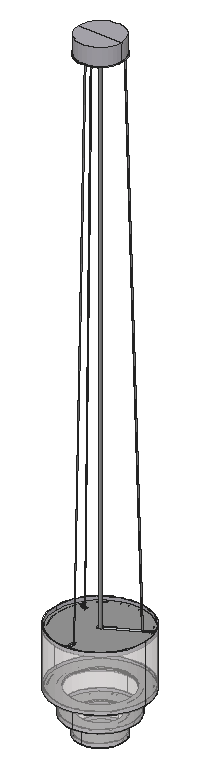
Revit family "Lighting - Lumetta - Pendant - P53T1213-Full", category Lighting Fixtures, host Ceiling, Revit 2015
Parameters
  Wattage = 11.7117 W
  built-in parameter 1150110 = 1 (stored number, unit not read)
  URL = "https://lumetta.com/luminaires/drum-3tier-12-pendant/"
  Type Comments = "Drum 3 Tier 12'' Pendant"  # constant formula
  built-in parameter 1114217 = 1 (stored number, unit not read)
  Top Lens-Material [instance] = Acrylic - 2447 - White
  Top Lens [instance] = yes
  built-in parameter 1150109 = 1 (stored number, unit not read)
  built-in parameter 1150134 = (empty or 0)
  Suspension [instance] = 2
  built-in parameter 1150113 = 1 (stored number, unit not read)
  Stem Hung-ALL Lamping [instance] = Suspension = 3  # no
  P53T1213 URL [instance] = "https://lumetta.com/luminaires/drum-3tier-12-pendant/"
  Middle  Diffuser Material [instance] = Shade - Lumetta - D61 - MT_White
  Light Source Symbol Size = 0' - 1"
  Bottom  Diffuser Material [instance] = Shade - Lumetta - D61 - MT_White
  1CRD-3CBL- LED-4 Wire [instance] = Suspension = 2  # yes
  Coupling-Stems Over 60 inches [instance] = and([Stem Hung-ALL Lamping], Fixture Drop > 5' 0")  # no
  Model = "P53T1213"  # constant formula
  Manufacturer = "Lumetta, Inc."  # constant formula
  Lumens = 1300 lm
  built-in parameter 1150115 = 1 (stored number, unit not read)
  built-in parameter 1150105 = 103.45 (stored number, unit not read)
  built-in parameter 1150137 = (empty or 0)
  built-in parameter 1150139 = (empty or 0)
  built-in parameter 1150112 = 1 (stored number, unit not read)
  built-in parameter 1150114 = 1 (stored number, unit not read)
  built-in parameter 1150132 = 1
  built-in parameter 1150102 = (empty or 0)
  built-in parameter 1150138 = (empty or 0)
  built-in parameter 1150107 = 3000 (stored number, unit not read)
  built-in parameter 1150106 = 1.0345 (stored number, unit not read)
  Frame Finish [instance] = Paint - Lumetta - F02 - PC_Chrome
  Fixture Height [instance] = 1' - 1"
  Fixture Drop [instance] = 5' - 10"
  built-in parameter 1150104 = 10.312 (stored number, unit not read)
  Dimming Lamp Color Temperature Shift = (empty or 0)
  Upper Diffuser Material [instance] = Shade - Lumetta - D61 - MT_White
  Description = ""
  Cord [instance] = or(Suspension = 1, Suspension = 2)  # yes
  Bottom Lens-Material [instance] = Acrylic - P95 - Etched White
  Bottom Lens [instance] = yes
  3 Cables [instance] = or(Suspension = 1, Suspension = 2)  # yes
  1CRD-3CBL-STD and 2 or 3 Wire [instance] = Suspension = 1  # no
  Cord Color [instance] = Cord, Black
  Color Filter = 16777215
  built-in parameter 1114218 = 1 (stored number, unit not read)
  built-in parameter 1150133 = 10 (stored number, unit not read)
Reference planes (in)
  plane 1 "Light Source Axis (F/B)": y = 0
  plane 2 "Ceiling": z = 96
  plane 3 "Light Source Axis (L/R)": x = 0
  plane 4 "Light Source Elevation": z = 23.5
  plane 5 "Fixture-Top": z = 26
  plane 6 "Fixture-Radius": x = 6
  plane 7 "Fixture-Height": z = 13
Forms (in)
  Revolve 1, solid, material "Paint - Lumetta - F02 - PC_Chrome" <- "Frame Finish", visible <- "1CRD-3CBL-STD and 2 or 3 Wire"
    sketch origin (0, 0, 0) x (1, 0, 0) y (0, 0, 1)
      loop
        line (0, 96) -> (0, 94.9375) -> (0.2793, 94.9375) -> (0.375, 95.4375) -> (3, 95.4375) -> (3, 95.5) -> (2.87509, 95.5) -> (2.87509, 96) -> (0, 96)
      axis (0, 96) -> (0, 94.9375)
    angle from 0 to 360
  Extrusion 2, void
    sketch origin (0, 0, 95.4375) x (0, -1, 0) y (1, 0, 0)
      loop
        circle (0, 0) r 0.25
      loop
        circle (2.5, 0) r 0.06274
      loop
        circle (-1.25012, 2.16499) r 0.06231
      loop
        circle (-1.20848, -2.18851) r 0.06217
    from 0 to 0.06358
  Revolve 3, solid, material "Paint - Lumetta - F02 - PC_Chrome" <- "Frame Finish", visible <- "1CRD-3CBL- LED-4 Wire"
    sketch origin (0, 0, 0) x (1, 0, 0) y (0, 0, 1)
      loop
        arc (1.9375, 93.36401) -> (2.12349, 93.55) -> (1.9375, 93.73599) r 0.18599
        line (1.9375, 93.73599) -> (1.9375, 93.36401)
      axis (1.9375, 93.73599) -> (1.9375, 93.36401)
    angle from 0 to 360
  Revolve 4, solid, material "Paint - Lumetta - F02 - PC_Chrome" <- "Frame Finish", visible <- "Stem Hung-ALL Lamping"
    sketch origin (0, 0, 0) x (-1, 0, 0) y (0, 0, 1)
      loop
        arc (1.9375, 93.37651) -> (2.12349, 93.5625) -> (1.9375, 93.74849) r 0.18599
        line (1.9375, 93.74849) -> (1.9375, 93.37651)
      axis (1.9375, 93.74849) -> (1.9375, 93.37651)
    angle from 0 to 360
  Revolve 5, solid, material "Paint - Lumetta - F02 - PC_Chrome" <- "Frame Finish"
    sketch origin (0, 0, 0) x (1, 0, 0) y (0, 0, 1)
      loop
        line (6, 26) -> (5.93781, 26) -> (5.93781, 25.56373) -> (5.50031, 25.56373) -> (5.50031, 25.50123) -> (6, 25.50123) -> (6, 26)
      loop
        line (6, 19.00004) -> (5.93781, 19.00004) -> (5.93781, 18.56378) -> (5.50031, 18.56378) -> (5.50031, 18.5) -> (6, 18.5) -> (6, 19.00004)
      loop
        line (4.4582, 16.00004) -> (4.396, 16.00004) -> (4.396, 15.56378) -> (3.9585, 15.56378) -> (3.9585, 15.5) -> (4.4582, 15.5) -> (4.4582, 16.00004)
      loop
        line (4.4582, 18.06373) -> (4.4582, 18.56378) -> (3.9585, 18.56378) -> (3.9585, 18.5) -> (4.396, 18.5) -> (4.396, 18.06373) -> (4.4582, 18.06373)
      loop
        line (3, 13.50004) -> (2.93781, 13.50004) -> (2.93781, 13.06378) -> (2.5, 13.06378) -> (2.5, 13) -> (3, 13) -> (3, 13.50004)
      loop
        line (3, 15.06246) -> (3, 15.5625) -> (2.5, 15.5625) -> (2.5, 15.49872) -> (2.93781, 15.49872) -> (2.93781, 15.06246) -> (3, 15.06246)
      axis (0, 26) -> (0, 13)
    angle from 0 to 360
  Revolve 6, solid, material "Shade - Lumetta - D61 - MT_White" <- "Upper Diffuser Material"
    sketch origin (0, 0, 0) x (1, 0, 0) y (0, 0, 1)
      loop
        line (6, 26) -> (6, 18.5) -> (6.06242, 18.5) -> (6.06242, 26) -> (6, 26)
      axis (0, 26) -> (0, 18.5)
    angle from 0 to 360
  Extrusion 7, solid, material "Paint - Lumetta - F02 - PC_Chrome" <- "Frame Finish"
    sketch origin (0, 0, 26) x (0, -1, 0) y (-1, 0, 0)
      loop
        line (-3.17178, 4.49368) -> (-2.80801, 3.86362) -> (-1.94199, 4.36362) -> (-2.30575, 4.99368)
        arc (-2.30575, 4.99368) -> (-2.75015, 4.7634) -> (-3.17178, 4.49368) r 5.50031
      loop
        circle (-2.5, 4.33013) r 0.11126
      loop
        line (-2.30575, -4.99368) -> (-1.94199, -4.36362) -> (-2.80801, -3.86362) -> (-3.17178, -4.49368)
        arc (-3.17178, -4.49368) -> (-2.75015, -4.7634) -> (-2.30575, -4.99368) r 5.50031
      loop
        circle (-2.5, -4.33013) r 0.11126
      loop
        line (5.47753, 0.5) -> (4.75, 0.5) -> (4.75, -0.5) -> (5.47753, -0.5)
        arc (5.47753, -0.5) -> (5.50031, 0) -> (5.47753, 0.5) r 5.50031
      loop
        circle (5, 0) r 0.11126
    from 0.56254 to 0.49877
  Extrusion 8, solid
    sketch origin (0, 0, 26) x (0, -1, 0) y (1, 0, 0)
      loop
        circle (0, 0) r 0.25
      loop
        circle (4.375, 0) r 0.125
      loop
        line (-2.2, 4.73427) -> (-3, 4.27239) -> (-3, -4.27239) -> (-2.2, -4.73427) -> (5.2, -0.46188) -> (5.2, 0.46188) -> (-2.2, 4.73427)
      loop
        circle (-2.1875, 3.78886) r 0.125
      loop
        circle (-2.1875, -3.78886) r 0.125
    from -0.56254 to -0.625
  Sweep 9, solid, material "Steel, Galvanized", visible <- "3 Cables"
    path origin (0, 0, 0) x (0, 1, 0) y (0, 0, 1)
      loop
        line (-2.5, 95.43701) -> (-4.375, 25.4375)
    profile origin (0, -3.4375, 60.43725) x (0, 0.999641, -0.026776) y (1, 0, 0)
      loop
        circle (0, 0) r 0.03125
  Sweep 10, solid, material "Steel, Galvanized", visible <- "3 Cables"
    path origin (0, 0, 0) x (0.866025, -0.5, 0) y (0, 0, 1)
      loop
        line (-2.5, 95.43701) -> (-4.375, 25.4375)
    profile origin (-2.97696, 1.71875, 60.43725) x (0.865715, -0.499821, -0.026776) y (-0.5, -0.866025, 0)
      loop
        circle (0, 0) r 0.03125
  Sweep 11, solid, material "Steel, Galvanized", visible <- "3 Cables"
    path origin (0, 0, 0) x (-0.866025, -0.5, 0) y (0, 0, 1)
      loop
        line (-2.5, 95.43701) -> (-4.375, 25.4375)
    profile origin (2.97696, 1.71875, 60.43725) x (-0.865715, -0.499821, -0.026776) y (-0.5, 0.866025, 0)
      loop
        circle (0, 0) r 0.03125
  Revolve 12, solid, material "Paint - Lumetta - F02 - PC_Chrome" <- "Frame Finish", visible <- "1CRD-3CBL- LED-4 Wire"
    sketch origin (0, 0, 0) x (1, 0, 0) y (0, 0, 1)
      loop
        line (0, 96) -> (0, 93.22) -> (0.26563, 93.22) -> (0.36282, 93.72) -> (3, 93.72) -> (3, 93.78) -> (2.875, 93.78) -> (2.875, 96) -> (0, 96)
      axis (0, 96) -> (0, 93.22)
    angle from 0 to 360
  Revolve 13, solid, material "Paint - Lumetta - F02 - PC_Chrome" <- "Frame Finish", visible <- "Stem Hung-ALL Lamping"
    sketch origin (0, 0, -1.37386) x (1, 0, 0) y (0, 0, 1)
      loop
        arc (1.9375, 94.75037) -> (2.12349, 94.93636) -> (1.9375, 95.12236) r 0.18599
        line (1.9375, 95.12236) -> (1.9375, 94.75037)
      axis (1.9375, 95.12236) -> (1.9375, 94.75037)
    angle from 0 to 360
  Revolve 14, solid, material "Paint - Lumetta - F02 - PC_Chrome" <- "Frame Finish", visible <- "1CRD-3CBL- LED-4 Wire"
    sketch origin (0, 0, -1.37386) x (-1, 0, 0) y (0, 0, 1)
      loop
        arc (1.9375, 94.75037) -> (2.12349, 94.93636) -> (1.9375, 95.12236) r 0.18599
        line (1.9375, 95.12236) -> (1.9375, 94.75037)
      axis (1.9375, 95.12236) -> (1.9375, 94.75037)
    angle from 0 to 360
  Extrusion 15, solid, material "Paint - Lumetta - F02 - PC_Chrome" <- "Frame Finish", visible <- "Stem Hung-ALL Lamping"
    sketch origin (0, 0, 26) x (0, -1, 0) y (-1, 0, 0)
      loop
        circle (0, 0) r 0.25
    from 0.56254 to -70
  Revolve 16, solid, material "Paint - Lumetta - F02 - PC_Chrome" <- "Frame Finish", visible <- "Coupling-Stems Over 60 inches"
    sketch origin (0, 0, 0) x (1, 0, 0) y (0, 0, 1)
      loop
        line (0, 86.53023) -> (0, 86) -> (0.26233, 86)
        arc (0.26233, 86) -> (0.31307, 86.05074) -> (0.26233, 86.10149) r 0.05074
        arc (0.26233, 86.10149) -> (0.29304, 86.26499) -> (0.26243, 86.42851) r 0.45126
        arc (0.26243, 86.42851) -> (0.31329, 86.47937) -> (0.26243, 86.53023) r 0.05086
        line (0.26243, 86.53023) -> (0, 86.53023)
      axis (0, 86.53023) -> (0, 86)
    angle from 0 to 360
  Revolve 17, solid, material "Paint - Lumetta - F02 - PC_Chrome" <- "Frame Finish", visible <- "Stem Hung-ALL Lamping"
    sketch origin (0, 0, 0) x (1, 0, 0) y (0, 0, 1)
      loop
        line (0, 96) -> (0, 93.40625) -> (0.34988, 93.40625)
        arc (0.34988, 93.40625) -> (0.49124, 93.54417) -> (0.58115, 93.72) r 0.61026
        line (0.58115, 93.72) -> (3, 93.72) -> (3, 93.78) -> (2.875, 93.78) -> (2.875, 96) -> (0, 96)
      axis (0, 96) -> (0, 93.40625)
    angle from 0 to 360
  Extrusion 18, solid, material "Cord, Black" <- "Cord Color", visible <- "Cord"
    sketch origin (0, 0, 26) x (0, -1, 0) y (1, 0, 0)
      loop
        circle (0, 0) r 0.15674
    from -0.56254 to 69.5
  Extrusion 19, solid, material "Acrylic - 2447 - White" <- "Top Lens-Material", visible <- "Top Lens"
    sketch origin (0, 0, 26) x (0, -1, 0) y (1, 0, 0)
      loop
        arc (0.08236, 0.41549) -> (0.10859, 0.38367) -> (0.14375, 0.36211) r 0.125
        arc (0.14375, 0.36211) -> (0.17448, -0.34973) -> (-0.38276, 0.09427) r 0.39147
        arc (-0.38276, 0.09427) -> (-0.38023, 0.14197) -> (-0.39577, 0.18713) r 0.125
        line (-0.39577, 0.18713) -> (-3.06954, 4.81825)
        arc (-3.06954, 4.81825) -> (-3.14938, 4.87748) -> (-3.24719, 4.85972) r 0.125
        arc (-3.24719, 4.85972) -> (-5.84674, 0.01759) -> (-3.27773, -4.84081) r 5.84375
        arc (-3.27773, -4.84081) -> (-3.17965, -4.8591) -> (-3.09943, -4.79978) r 0.125
        line (-3.09943, -4.79978) -> (-2.43479, -3.64859)
        arc (-2.43479, -3.64859) -> (-2.07399, -3.55192) -> (-1.97731, -3.91272) r 0.26412
        line (-1.97731, -3.91272) -> (-2.64318, -5.06603)
        arc (-2.64318, -5.06603) -> (-2.65455, -5.16479) -> (-2.59027, -5.24061) r 0.125
        arc (-2.59027, -5.24061) -> (2.90291, -5.07082) -> (5.82591, -0.41679) r 5.84375
        arc (5.82591, -0.41679) -> (5.79271, -0.32271) -> (5.70123, -0.28289) r 0.125
        line (5.70123, -0.28289) -> (4.37195, -0.28289)
        arc (4.37195, -0.28289) -> (4.10782, -0.01877) -> (4.37195, 0.24536) r 0.26412
        line (4.37195, 0.24536) -> (5.70368, 0.24536)
        arc (5.70368, 0.24536) -> (5.79489, 0.28488) -> (5.82841, 0.37847) r 0.125
        arc (5.82841, 0.37847) -> (2.93478, 5.05081) -> (-2.55723, 5.25518) r 5.84375
        arc (-2.55723, 5.25518) -> (-2.6221, 5.17939) -> (-2.61084, 5.08025) r 0.125
        line (-2.61084, 5.08025) -> (0.08236, 0.41549)
    from -0.4375 to -0.375
  Extrusion 20, solid, material "Acrylic - P95 - Etched White" <- "Bottom Lens-Material", visible <- "Bottom Lens"
    sketch origin (0.06736, 0, 13) x (0, -1, 0) y (1, 0, 0)
      loop
        circle (0, -0.06736) r 2.875
    from 0.06378 to 0.18636
  Extrusion 21, solid, material "Acrylic - P95 - Etched White" <- "Bottom Lens-Material"
    sketch origin (-0.07923, 0, 18.5) x (0, -1, 0) y (1, 0, 0)
      loop
        circle (0, 0.07923) r 5.84514
      loop
        circle (0, 0.07923) r 4
    from 0.06378 to 0.18636
  Extrusion 22, solid, material "Acrylic - P95 - Etched White" <- "Bottom Lens-Material"
    sketch origin (0.06736, 0, 15.5) x (0, -1, 0) y (1, 0, 0)
      loop
        circle (0, -0.06736) r 4.375
      loop
        circle (0, -0.06736) r 2.5
    from 0.06378 to 0.18636
  Extrusion 23, solid, material "Shade - Lumetta - D61 - MT_White" <- "Bottom  Diffuser Material"
    sketch origin (0, 0, 13) x (0, -1, 0) y (1, 0, 0)
      loop
        circle (0, 0) r 3
      loop
        circle (0, 0) r 3.03125
    from 0 to 2.56378
  Extrusion 24, solid, material "Shade - Lumetta - D61 - MT_White" <- "Middle  Diffuser Material"
    sketch origin (0, 0, 13) x (0, -1, 0) y (1, 0, 0)
      loop
        circle (0, 0) r 4.5
      loop
        circle (0, 0) r 4.53125
    from 2.5 to 5.56378
Cuts and joins
  joined: Revolve 5, Extrusion 7
Dimensions and locks (in)
  equal spacing: host sketch curve, plane 3 "Light Source Axis (L/R)", host sketch curve
  equal spacing: host sketch curve, plane 1 "Light Source Axis (F/B)", host sketch curve
  host sketch curve to host sketch curve = 10' - 0"  (x2)
  "Fixture Drop": plane 2 "Ceiling" to plane 5 "Fixture-Top"
  locked: plane 5 "Fixture-Top" to plane 4 "Light Source Elevation" at 2.5
  locked: plane 6 "Fixture-Radius" to plane 3 "Light Source Axis (L/R)" at 6
  "Fixture Height": plane 5 "Fixture-Top" to plane 7 "Fixture-Height"
  locked: Revolve 1 sketch curve to plane 3 "Light Source Axis (L/R)" at 2.87509
  locked: Revolve 1 sketch curve to plane 3 "Light Source Axis (L/R)" at 3
  locked: Extrusion 2 sketch curve to Extrusion 2 sketch curve at 2.5  (x3)
  locked: plane 1 "Light Source Axis (F/B)" to Extrusion 2 sketch curve at 1.20848
  locked: plane 1 "Light Source Axis (F/B)" to Extrusion 2 sketch curve at 1.25012
  locked: Revolve 3 sketch curve to plane 3 "Light Source Axis (L/R)" at 1.9375
  locked: plane 6 "Fixture-Radius" to Revolve 5 sketch curve at 0.06219
  locked: Revolve 6 sketch curve to plane 6 "Fixture-Radius" at 0.06242
  locked: Extrusion 7 sketch curve to imposter light at 4.33013
  locked: imposter light to Extrusion 7 sketch curve at 4.33013
  locked: Extrusion 7 sketch curve to imposter light at 0
  locked: Extrusion 7 sketch curve to plane 1 "Light Source Axis (F/B)" at 5
  locked: plane 1 "Light Source Axis (F/B)" to Extrusion 7 sketch curve at 2.5  (x2)
  locked: Extrusion 7 sketch curve to plane 3 "Light Source Axis (L/R)" at 4.75  (x2)
  locked: Extrusion 7 sketch curve to plane 1 "Light Source Axis (F/B)" at 4.75
  Extrusion 7 sketch curve to Extrusion 7 sketch curve = 0' - 0 1/4"
  locked: Extrusion 7 sketch curve to Extrusion 7 sketch curve at 1  (x3)
  Extrusion 7 sketch curve to Extrusion 7 sketch curve = 0' - 0 1/2"
  locked: Extrusion 7 sketch curve to Extrusion 7 sketch curve at 0.5
  Revolve 5 to Extrusion 7 sketch curve = 0' - 0.75031"
  equal spacing: Extrusion 7 sketch curve, Extrusion 7 sketch curve, plane 3 "Light Source Axis (L/R)"
  locked: Extrusion 8 sketch curve to Extrusion 8 sketch curve at 4.375
  Extrusion 8 sketch curve to Extrusion 8 sketch curve = 0' - 8.2"
  host ceiling to Revolve 3 sketch curve = 0' - 2.45"
  host ceiling to Revolve 4 sketch curve = 0' - 2 7/16"
  locked: host ceiling to Revolve 13 sketch curve at 2.4375
  locked: host ceiling to Revolve 14 sketch curve at 2.4375
  locked: Extrusion 15 sketch curve to imposter light
  locked: Extrusion 15 sketch curve to imposter light at 0
  Revolve 16 sketch curve to Revolve 16 sketch curve = 0' - 0.15822"
  locked: Revolve 16 sketch curve to Revolve 6 at 60
  locked: Revolve 16 sketch curve to Revolve 16 sketch curve at 0.53023
  locked: Revolve 16 sketch curve to Revolve 16 sketch curve at 0.26243
  locked: Revolve 16 sketch curve to Revolve 16 sketch curve at 0.26233
  locked: Revolve 16 sketch curve to Revolve 16 sketch curve at 0.05074
  locked: Revolve 16 sketch curve to Revolve 16 sketch curve at 0.47937
  locked: Revolve 16 sketch curve to Revolve 16 sketch curve at 0.26512
  locked: Revolve 17 sketch curve to Revolve 17 sketch curve at 2.875
  locked: Revolve 17 sketch curve to Revolve 17 sketch curve at 0.31375
  locked: Extrusion 19 sketch curve to Extrusion 19 sketch curve  (x3)
  locked: plane 5 "Fixture-Top" to Revolve 5 sketch curve at 0.49877
  locked: Revolve 5 sketch curve to Revolve 5 sketch curve at 0.0625
  locked: plane 6 "Fixture-Radius" to Revolve 5 sketch curve at 0.49969
  locked: host ceiling to Revolve 12 sketch curve at 2.28
  locked: Revolve 12 sketch curve to Revolve 12 sketch curve at 0
  locked: Revolve 12 sketch curve to Revolve 12 sketch curve at 2.875
  locked: Revolve 12 sketch curve to Revolve 12 sketch curve at 0.26563
  locked: Revolve 12 sketch curve to Revolve 12 sketch curve at 0.36282
  locked: Revolve 12 sketch curve to Revolve 12 sketch curve at 0.06
  locked: Revolve 12 sketch curve to Revolve 12 sketch curve at 0.5
  locked: Revolve 1 sketch curve to Revolve 1 sketch curve at 0.0625
  locked: host ceiling to Revolve 1 sketch curve at 0.5625
  locked: Revolve 1 sketch curve to Revolve 1 sketch curve at 0.5625
  locked: Revolve 1 sketch curve to Revolve 1 sketch curve at 3
  Revolve 1 sketch curve to Revolve 1 sketch curve = 0' - 2.87509"
  locked: Revolve 1 sketch curve to Revolve 1 sketch curve at 0.5
  locked: Revolve 1 sketch curve to Revolve 1 sketch curve at 0.375
  locked: Revolve 1 sketch curve to Revolve 1 sketch curve at 0.2793
  Revolve 3 sketch curve to Revolve 3 sketch curve = 0' - 0"
  Revolve 1 to Revolve 3 sketch curve = 0' - 2.45"
  locked: Revolve 1 to Revolve 4 sketch curve at 2.4375
  Extrusion 19 sketch curve to plane 6 "Fixture-Radius" = 0' - 6.00081"
  locked: plane 5 "Fixture-Top" to Revolve 6 at 7.5
  locked: Revolve 5 sketch curve to plane 6 "Fixture-Radius" at 0
  locked: plane 5 "Fixture-Top" to Revolve 5 sketch curve at 7.5
  locked: Revolve 5 sketch curve to Revolve 5 sketch curve at 0.06378  (x5)
  locked: Revolve 5 sketch curve to Revolve 5 sketch curve at 0.50004  (x5)
  locked: Extrusion 20 to Extrusion 20 at 0.12259
  locked: Extrusion 20 to plane 7 "Fixture-Height" at 0.06378
  locked: Revolve 5 sketch curve to Revolve 5 sketch curve at 0  (x2)
  locked: plane 7 "Fixture-Height" to Revolve 5 sketch curve at 0
  locked: Revolve 5 sketch curve to Revolve 5 sketch curve at 2.5625
  Revolve 5 sketch curve to Revolve 5 sketch curve = 0' - 3"
  locked: Revolve 5 sketch curve to Revolve 5 sketch curve at 0.06219  (x4)
  locked: Revolve 5 sketch curve to Revolve 5 sketch curve at 0.5  (x2)
  locked: cut or joined group of Revolve 5, Extrusion 7 to Extrusion 21
  locked: Extrusion 21 to Extrusion 21 at 0.12259
  Revolve 5 sketch curve to Revolve 5 sketch curve = 0' - 0.06378"
  locked: Revolve 5 sketch curve to Revolve 5 sketch curve at 3.06378
  locked: plane 3 "Light Source Axis (L/R)" to Extrusion 20 sketch curve
  locked: Extrusion 20 sketch curve to plane 1 "Light Source Axis (F/B)"
  locked: Extrusion 22 to Extrusion 22 at 0.12259
  locked: Extrusion 23 sketch curve to plane 3 "Light Source Axis (L/R)" at 0
  locked: Extrusion 23 sketch curve to plane 1 "Light Source Axis (F/B)"
  locked: Extrusion 23 to plane 7 "Fixture-Height" at 2.56378
  locked: Extrusion 23 to plane 7 "Fixture-Height" at 0
  locked: Extrusion 24 sketch curve to plane 3 "Light Source Axis (L/R)" at 0
  locked: Extrusion 24 sketch curve to plane 1 "Light Source Axis (F/B)"
  Revolve 5 sketch curve to Revolve 5 sketch curve = 0' - 0"
  locked: Extrusion 22 to cut or joined group of Revolve 5, Extrusion 7 at 0
  locked: Extrusion 21 sketch curve to plane 3 "Light Source Axis (L/R)"
  locked: Extrusion 21 sketch curve to plane 1 "Light Source Axis (F/B)"
  locked: Extrusion 22 sketch curve to plane 3 "Light Source Axis (L/R)" at 0
  locked: Extrusion 22 sketch curve to plane 1 "Light Source Axis (F/B)"
  diameter of Extrusion 21 sketch curve = 0' - 11.69028"
  aligned and locked: plane 3 "Light Source Axis (L/R)" to imposter light
  aligned and locked: plane 1 "Light Source Axis (F/B)" to imposter light
  aligned and locked: plane 4 "Light Source Elevation" to imposter light
  aligned and locked: Revolve 6 sketch curve to plane 3 "Light Source Axis (L/R)"
  aligned and locked: Revolve 16 sketch curve to Revolve 16 sketch curve  (x2)
  aligned and locked: Extrusion 7 to Extrusion 8
  aligned and locked: Revolve 5 to Extrusion 7
  aligned and locked: host ceiling to Extrusion 15
  aligned and locked: Extrusion 8 to Extrusion 15
  aligned and locked: cut or joined group of Revolve 5, Extrusion 7 to Extrusion 23
  aligned and locked: cut or joined group of Revolve 5, Extrusion 7 to Extrusion 24
  aligned and locked: Extrusion 24 to cut or joined group of Revolve 5, Extrusion 7
  aligned and locked: Revolve 1 to Extrusion 18
Automatic sketch dimensions
  Revolve 1 sketch curve to plane 3 "Light Source Axis (L/R)" = 0' - 0"
  Revolve 1 sketch curve to plane 5 "Fixture-Top" = 0' - 1 1/4"
  Revolve 1 sketch curve to Revolve 1 sketch curve = 0' - 9 3/4"
  Extrusion 2 sketch curve to Extrusion 2 sketch curve = 0' - 0"
  Revolve 3 sketch curve to Revolve 3 sketch curve = 0' - 0.18599"
  Revolve 3 sketch curve to plane 2 "Ceiling" = 0' - 0.90474"
  Revolve 3 sketch curve to Revolve 3 sketch curve = 0' - 0.37199"
  plane 3 "Light Source Axis (L/R)" to Revolve 4 sketch curve = 0' - 1 15/16"
  Revolve 4 sketch curve to Revolve 4 sketch curve = 0' - 0.18599"
  plane 2 "Ceiling" to Revolve 4 sketch curve = 0' - 0.53276"
  Revolve 4 sketch curve to Revolve 4 sketch curve = 0' - 0"
  Revolve 4 sketch curve to Revolve 4 sketch curve = 0' - 0.37199"
  Revolve 6 sketch curve to plane 6 "Fixture-Radius" = 0' - 0"
  Revolve 6 sketch curve to plane 5 "Fixture-Top" = 0' - 0"
  plane 4 "Light Source Elevation" to Revolve 6 sketch curve = 0' - 5"
  plane 7 "Fixture-Height" to Revolve 6 sketch curve = 0' - 1 1/4"
  Revolve 6 sketch curve to plane 5 "Fixture-Top" = 0' - 2 1/4"
  Extrusion 7 sketch curve to Extrusion 7 sketch curve = 0' - 0"  (x6)
  plane 1 "Light Source Axis (F/B)" to Extrusion 7 sketch curve = 0' - 0"
  Extrusion 7 sketch curve to plane 3 "Light Source Axis (L/R)" = 0' - 0"
  Extrusion 7 sketch curve to plane 6 "Fixture-Radius" = 0' - 2.13638"
  Extrusion 7 sketch curve to Extrusion 7 sketch curve = 0' - 0.30801"
  Extrusion 7 sketch curve to Extrusion 7 sketch curve = 0' - 0.67178"
  Extrusion 7 sketch curve to plane 6 "Fixture-Radius" = 0' - 1.50632"
  Extrusion 7 sketch curve to Extrusion 7 sketch curve = 0' - 0.47753"
  Extrusion 7 sketch curve to plane 3 "Light Source Axis (L/R)" = 0' - 0 1/2"
  plane 1 "Light Source Axis (F/B)" to Extrusion 8 sketch curve = 0' - 0"
  Extrusion 8 sketch curve to plane 3 "Light Source Axis (L/R)" = 0' - 0"  (x2)
  Extrusion 8 sketch curve to plane 1 "Light Source Axis (F/B)" = 0' - 2 3/16"  (x2)
  Extrusion 8 sketch curve to Extrusion 8 sketch curve = 0' - 0.0125"  (x2)
  Extrusion 8 sketch curve to Extrusion 8 sketch curve = 0' - 0.8"
  Extrusion 8 sketch curve to plane 3 "Light Source Axis (L/R)" = 0' - 0.46188"
  Extrusion 8 sketch curve to plane 3 "Light Source Axis (L/R)" = 0' - 3.78886"
  Extrusion 8 sketch curve to Extrusion 8 sketch curve = 0' - 0.48353"  (x2)
  Extrusion 8 sketch curve to Extrusion 8 sketch curve = 0' - 0.46188"  (x2)
  plane 3 "Light Source Axis (L/R)" to Extrusion 8 sketch curve = 0' - 0.46188"
  Extrusion 8 sketch curve to plane 6 "Fixture-Radius" = 0' - 2.21114"
  plane 5 "Fixture-Top" to Sweep 9 sketch curve = 0' - 0 9/16"
  plane 1 "Light Source Axis (F/B)" to Sweep 9 sketch curve = 0' - 4 3/8"
  Sweep 9 sketch curve to plane 2 "Ceiling" = 0' - 0.56299"
  plane 1 "Light Source Axis (F/B)" to Sweep 9 sketch curve = 0' - 2 1/2"
  Sweep 9 sketch curve to plane 3 "Light Source Axis (L/R)" = 0' - 0"
  Sweep 9 sketch curve to profile plane = 0' - 0"
  plane 5 "Fixture-Top" to Sweep 10 sketch curve = 0' - 0 9/16"
  Sweep 10 sketch curve to plane 2 "Ceiling" = 0' - 0.56299"
  Sweep 10 sketch curve to Sweep 10 sketch curve = 0' - 1 7/8"
  profile plane to Sweep 10 sketch curve = 0' - 0"
  Sweep 10 sketch curve to profile plane = 0' - 0"
  plane 5 "Fixture-Top" to Sweep 11 sketch curve = 0' - 0 9/16"
  Sweep 11 sketch curve to plane 2 "Ceiling" = 0' - 0.56299"
  Sweep 11 sketch curve to Sweep 11 sketch curve = 0' - 1 7/8"
  profile plane to Sweep 11 sketch curve = 0' - 0"  (x2)
  Revolve 12 sketch curve to plane 2 "Ceiling" = 0' - 0"
  Revolve 12 sketch curve to plane 3 "Light Source Axis (L/R)" = 0' - 0"
  Revolve 12 sketch curve to Revolve 12 sketch curve = 0' - 0 1/8"
  plane 2 "Ceiling" to Revolve 12 sketch curve = 0' - 1 3/4"
  Revolve 12 sketch curve to Revolve 12 sketch curve = 0' - 2 1/2"
  plane 3 "Light Source Axis (L/R)" to Revolve 13 sketch curve = 0' - 1 15/16"
  Revolve 13 sketch curve to Revolve 13 sketch curve = 0' - 0.18599"
  Revolve 13 sketch curve to Revolve 13 sketch curve = 0' - 0"
  Revolve 13 sketch curve to Revolve 13 sketch curve = 0' - 0.0271"
  Revolve 13 sketch curve to Revolve 13 sketch curve = 0' - 0.34489"
  plane 3 "Light Source Axis (L/R)" to Revolve 14 sketch curve = 0' - 1 15/16"
  Revolve 14 sketch curve to Revolve 14 sketch curve = 0' - 0.18599"
  Revolve 14 sketch curve to Revolve 14 sketch curve = 0' - 0"
  Revolve 14 sketch curve to Revolve 14 sketch curve = 0' - 0.0271"
  Revolve 14 sketch curve to Revolve 14 sketch curve = 0' - 0.34489"
  Revolve 16 sketch curve to plane 3 "Light Source Axis (L/R)" = 0' - 0"
  Revolve 16 sketch curve to Revolve 16 sketch curve = 0' - 11.34317"
  Revolve 17 sketch curve to plane 3 "Light Source Axis (L/R)" = 0' - 0"  (x3)
  Revolve 17 sketch curve to plane 2 "Ceiling" = 0' - 0"
  plane 3 "Light Source Axis (L/R)" to Revolve 17 sketch curve = 0' - 0.34988"
  Revolve 17 sketch curve to Revolve 17 sketch curve = 0' - 0.23126"
  Revolve 17 sketch curve to Revolve 17 sketch curve = 0' - 0 1/8"
  Revolve 17 sketch curve to plane 2 "Ceiling" = 0' - 2 3/32"
  Revolve 17 sketch curve to Revolve 17 sketch curve = 0' - 0.06"
  plane 2 "Ceiling" to Revolve 17 sketch curve = 0' - 1 3/4"
  Revolve 17 sketch curve to Revolve 17 sketch curve = 0' - 2 1/2"
  plane 1 "Light Source Axis (F/B)" to Extrusion 18 sketch curve = 0' - 0"
  Extrusion 18 sketch curve to plane 3 "Light Source Axis (L/R)" = 0' - 0"
  Extrusion 19 sketch curve to Extrusion 19 sketch curve = 0' - 0"  (x10)
  Extrusion 19 sketch curve to plane 1 "Light Source Axis (F/B)" = 0' - 3.20768"
  Extrusion 19 sketch curve to plane 6 "Fixture-Radius" = 0' - 1.24425"
  Extrusion 19 sketch curve to plane 1 "Light Source Axis (F/B)" = 0' - 3.1778"
  Extrusion 19 sketch curve to Extrusion 19 sketch curve = 0' - 0.10825"  (x6)
  Extrusion 19 sketch curve to plane 6 "Fixture-Radius" = 0' - 1.18175"
  Extrusion 19 sketch curve to Extrusion 19 sketch curve = 0' - 0.45625"
  Extrusion 19 sketch curve to plane 6 "Fixture-Radius" = 0' - 0.91975"
  Extrusion 19 sketch curve to Extrusion 19 sketch curve = 0' - 0.4587"
  Extrusion 19 sketch curve to Extrusion 19 sketch curve = 0' - 0.66464"
  Extrusion 19 sketch curve to Extrusion 19 sketch curve = 0' - 0.22874"  (x2)
  plane 3 "Light Source Axis (L/R)" to Extrusion 19 sketch curve = 0' - 0.12463"
  Extrusion 19 sketch curve to plane 1 "Light Source Axis (F/B)" = 0' - 0.50402"
  plane 3 "Light Source Axis (L/R)" to Extrusion 19 sketch curve = 0' - 0.18713"
  Extrusion 19 sketch curve to plane 1 "Light Source Axis (F/B)" = 0' - 0.00301"
  plane 1 "Light Source Axis (F/B)" to Extrusion 19 sketch curve = 0' - 0.08236"
  Extrusion 19 sketch curve to plane 3 "Light Source Axis (L/R)" = 0' - 0.28289"
  Extrusion 19 sketch curve to Extrusion 19 sketch curve = 0' - 4.18134"
  Extrusion 19 sketch curve to plane 3 "Light Source Axis (L/R)" = 0' - 0.40789"
  Extrusion 19 sketch curve to Extrusion 19 sketch curve = 0' - 1.32928"
  plane 3 "Light Source Axis (L/R)" to Extrusion 19 sketch curve = 0' - 0.24536"
  Extrusion 19 sketch curve to Extrusion 19 sketch curve = 0' - 0.00245"
  Extrusion 19 sketch curve to plane 3 "Light Source Axis (L/R)" = 0' - 3.64859"
  Extrusion 19 sketch curve to Extrusion 19 sketch curve = 0' - 0.13206"
  Extrusion 19 sketch curve to Extrusion 19 sketch curve = 0' - 1.08869"
  Extrusion 19 sketch curve to Extrusion 19 sketch curve = 0' - 0 1/16"  (x4)
  Extrusion 19 sketch curve to Extrusion 19 sketch curve = 0' - 0.26625"
  Extrusion 19 sketch curve to Extrusion 19 sketch curve = 0' - 0 1/8"
  plane 3 "Light Source Axis (L/R)" to Extrusion 19 sketch curve = 0' - 0.41549"
  Extrusion 23 sketch curve to Extrusion 23 sketch curve = 0' - 0"  (x2)
  Extrusion 24 sketch curve to Extrusion 24 sketch curve = 0' - 0"  (x2)
  plane 3 "Light Source Axis (L/R)" to Revolve 5 sketch curve = 0' - 0"
  Revolve 5 sketch curve to plane 6 "Fixture-Radius" = 0' - 0"
  Revolve 5 sketch curve to plane 5 "Fixture-Top" = 0' - 0"
  Revolve 5 sketch curve to plane 6 "Fixture-Radius" = 0' - 2.0415"
  Revolve 5 sketch curve to Revolve 5 sketch curve = 0' - 0.9585"
  Revolve 5 sketch curve to Revolve 5 sketch curve = 0' - 0 7/16"
  Revolve 5 sketch curve to plane 6 "Fixture-Radius" = 0' - 0.49969"
  Revolve 5 sketch curve to Revolve 5 sketch curve = 0' - 0.06219"
  Revolve 5 sketch curve to level = 0' - 10"
  Revolve 5 sketch curve to plane 2 "Ceiling" = 0' - 1"
  Extrusion 21 sketch curve to Extrusion 21 sketch curve = 0' - 0"  (x2)
  Extrusion 22 sketch curve to Extrusion 22 sketch curve = 0' - 0"  (x2)
  radius of Extrusion 2 sketch curve to Revolve 1 = 0' - 0 1/8"
  radius of Extrusion 2 sketch curve = 0' - 0.06274"
  radius of Extrusion 2 sketch curve = 0' - 0.06231"
  radius of Extrusion 2 sketch curve = 0' - 0.06217"
  radius of Extrusion 7 sketch curve = 0' - 0.11126"  (x3)
  radius of Extrusion 8 sketch curve = 0' - 0 1/4"
  radius of Extrusion 8 sketch curve = 0' - 0 1/8"  (x3)
  radius of Sweep 9 sketch curve = 0' - 0 1/32"
  radius of Sweep 10 sketch curve = 0' - 0 1/32"
  radius of Sweep 11 sketch curve = 0' - 0 1/32"
  radius of Extrusion 15 sketch curve = 0' - 0 1/4"
  radius of Extrusion 18 sketch curve = 0' - 0.15674"
  radius of Extrusion 20 sketch curve = 0' - 2 7/8"
  radius of Extrusion 23 sketch curve = 0' - 3"
  radius of Extrusion 23 sketch curve = 0' - 3 1/32"
  radius of Extrusion 24 sketch curve = 0' - 4 1/2"
  radius of Extrusion 24 sketch curve = 0' - 4 17/32"
  radius of Extrusion 21 sketch curve = 0' - 4"
  radius of Extrusion 22 sketch curve = 0' - 4 3/8"
  radius of Extrusion 22 sketch curve = 0' - 2 1/2"
